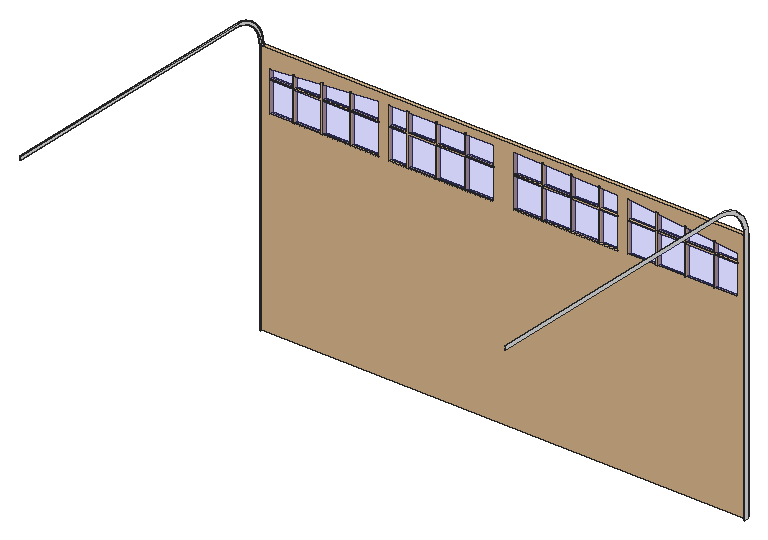
Revit family (continued)
Dimensions and locks (in)
  aligned and locked: plane 5 "Top" to Opening 1 sketch curve
  aligned and locked: Opening 1 sketch curve to plane 5 "Top"
  aligned and locked: Opening 1 sketch curve to plane 4 "Right"
  aligned and locked: Opening 1 sketch curve to level
  aligned and locked: Extrusion 1 sketch curve to plane 6
  aligned and locked: Extrusion 1 sketch curve to plane 7
  aligned and locked: Extrusion 1 sketch curve to level
  aligned and locked: Extrusion 1 sketch curve to host wall
  aligned and locked: plane 12 to plane 13
  aligned and locked: host wall to plane 16 "Int"
  aligned and locked: plane 13 to plane 15
  aligned and locked: plane 14 "Ext" to Extrusion 1
  aligned and locked: Extrusion 1 to host wall
  aligned and locked: plane 9 to Extrusion 1 sketch curve  (x4)
  aligned and locked: Extrusion 1 sketch curve to plane 18
  aligned and locked: plane 26 to Extrusion 1 sketch curve
  aligned and locked: Extrusion 1 sketch curve to plane 25
  aligned and locked: Extrusion 1 to Extrusion 2
  aligned and locked: Extrusion 2 sketch curve to plane 35
  aligned and locked: Extrusion 2 sketch curve to plane 31
  aligned and locked: Extrusion 2 sketch curve to plane 30
  aligned and locked: Extrusion 2 sketch curve to plane 29
  aligned and locked: plane 36 to Extrusion 1 sketch curve
  aligned and locked: Extrusion 1 sketch curve to plane 19
  aligned and locked: plane 42 to Extrusion 1 sketch curve
  aligned and locked: Extrusion 2 sketch curve to plane 44
  aligned and locked: Extrusion 2 sketch curve to plane 45
  aligned and locked: Extrusion 2 sketch curve to plane 46
  aligned and locked: Extrusion 2 sketch curve to plane 47
  aligned and locked: Extrusion 2 sketch curve to plane 48
  aligned and locked: Extrusion 2 sketch curve to plane 49
  aligned and locked: Extrusion 2 sketch curve to plane 9  (x12)
  aligned and locked: plane 26 to Extrusion 3 sketch curve
  aligned and locked: plane 18 to Extrusion 3 sketch curve
  aligned and locked: plane 25 to Extrusion 3 sketch curve
  aligned and locked: Extrusion 3 sketch curve to plane 36
  aligned and locked: Extrusion 3 sketch curve to plane 42
  aligned and locked: Extrusion 3 sketch curve to plane 19
  aligned and locked: plane 14 "Ext" to Extrusion 3
  aligned and locked: Extrusion 3 sketch curve to plane 50  (x3)
  aligned and locked: plane 18 to curve 1
  aligned and locked: plane 52 to curve 1
  aligned and locked: plane 51 to curve 4
  aligned and locked: curve 5 to plane 52
  aligned and locked: plane 51 to curve 8
  aligned and locked: curve 9 to plane 52
  aligned and locked: plane 51 to curve 12
  aligned and locked: plane 25 to curve 13
  aligned and locked: curve 13 to plane 51
  aligned and locked: plane 52 to curve 16
  aligned and locked: curve 17 to plane 52
  aligned and locked: plane 51 to curve 20
  aligned and locked: curve 17 to curve 21
  aligned and locked: plane 51 to curve 24
  aligned and locked: curve 21 to curve 25
  aligned and locked: plane 51 to curve 27
  aligned and locked: plane 26 to curve 29
  aligned and locked: curve 29 to plane 51
  aligned and locked: plane 52 to curve 32
  aligned and locked: plane 19 to curve 65
  aligned and locked: curve 65 to plane 51
  aligned and locked: plane 52 to curve 68
  aligned and locked: plane 51 to curve 69
  aligned and locked: plane 52 to curve 72
  aligned and locked: plane 51 to curve 73
  aligned and locked: curve 75 to plane 52
  aligned and locked: plane 51 to curve 77
  aligned and locked: plane 42 to curve 78
  aligned and locked: curve 79 to plane 52
  aligned and locked: plane 51 to curve 81
  aligned and locked: curve 83 to plane 52
  aligned and locked: plane 51 to curve 85
  aligned and locked: curve 87 to plane 52
  aligned and locked: curve 89 to plane 51
  aligned and locked: plane 52 to curve 91
  aligned and locked: curve 93 to plane 51
  aligned and locked: curve 96 to plane 36
  aligned and locked: plane 52 to curve 95
  aligned and locked: curve 189 to plane 53
  aligned and locked: plane 53 to curve 193
  aligned and locked: plane 53 to curve 197
  aligned and locked: plane 53 to curve 201
  aligned and locked: plane 53 to curve 205
  aligned and locked: plane 53 to curve 209
  aligned and locked: curve 213 to plane 53
  aligned and locked: curve 217 to plane 53
  aligned and locked: curve 224 to curve 253
  aligned and locked: curve 218 to curve 94
  aligned and locked: curve 137 to plane 53
  aligned and locked: plane 53 to curve 143
  aligned and locked: plane 53 to curve 147
  aligned and locked: plane 53 to curve 151
  aligned and locked: curve 153 to plane 53
  aligned and locked: plane 53 to curve 131
  aligned and locked: plane 53 to curve 135
  aligned and locked: curve 254 to plane 53
  aligned and locked: plane 53 to curve 255
  aligned and locked: plane 18 to curve 255
  aligned and locked: plane 19 to curve 190
  aligned and locked: curve 68 to curve 192
  aligned and locked: curve 72 to curve 196
  aligned and locked: curve 194 to curve 70
  aligned and locked: curve 76 to curve 200
  aligned and locked: curve 198 to curve 74
  aligned and locked: curve 80 to curve 204
  aligned and locked: curve 202 to curve 78
  aligned and locked: curve 84 to curve 208
  aligned and locked: curve 206 to curve 82
  aligned and locked: curve 88 to curve 212
  aligned and locked: curve 210 to curve 86
  aligned and locked: curve 214 to curve 90
  aligned and locked: curve 92 to curve 216
  aligned and locked: curve 96 to curve 220
  aligned and locked: curve 138 to curve 14
  aligned and locked: curve 16 to curve 140
  aligned and locked: curve 18 to curve 142
  aligned and locked: curve 144 to curve 20
  aligned and locked: curve 22 to curve 146
  aligned and locked: curve 148 to curve 24
  aligned and locked: curve 26 to curve 150
  aligned and locked: curve 152 to curve 28
  aligned and locked: curve 154 to curve 30
  aligned and locked: curve 32 to curve 156
  aligned and locked: curve 6 to curve 130
  aligned and locked: curve 132 to curve 8
  aligned and locked: curve 10 to curve 134
  aligned and locked: curve 136 to curve 12
  aligned and locked: curve 128 to curve 4
  aligned and locked: curve 2 to curve 255
  aligned and locked: plane 54 to curve 256
  aligned and locked: curve 133 to plane 54
  aligned and locked: curve 129 to plane 54
  aligned and locked: plane 54 to curve 155
  aligned and locked: curve 149 to plane 54
  aligned and locked: curve 145 to plane 54
  aligned and locked: curve 141 to plane 54
  aligned and locked: plane 54 to curve 139
  aligned and locked: plane 54 to curve 219
  aligned and locked: plane 54 to curve 215
  aligned and locked: curve 211 to plane 54
  aligned and locked: curve 207 to plane 54
  aligned and locked: curve 203 to plane 54
  aligned and locked: curve 199 to plane 54
  aligned and locked: curve 195 to plane 54
  aligned and locked: plane 54 to curve 191
  aligned and locked: Extrusion 4 to plane 55
  aligned and locked: Extrusion 4 sketch curve to cut or joined group of Extrusion 2, Extrusion 3  (x60)
  aligned and locked: Extrusion 4 sketch curve to Extrusion 1  (x25)
  aligned and locked: cut or joined group of Extrusion 2, Extrusion 3 to Extrusion 4 sketch curve  (x9)
  aligned and locked: Extrusion 4 sketch curve to Extrusion 4 sketch curve  (x5)
  aligned and locked: Extrusion 1 sketch curve to Extrusion 1 sketch curve
  aligned and locked: curve 257 to curve 3
  aligned and locked: curve 258 to curve 2
  aligned and locked: curve 259 to curve 1
  aligned and locked: curve 260 to curve 4
  aligned and locked: curve 261 to curve 33
  aligned and locked: curve 262 to curve 34
  aligned and locked: curve 263 to curve 35
  aligned and locked: curve 264 to curve 36
  aligned and locked: curve 265 to curve 11
  aligned and locked: curve 266 to curve 10
  aligned and locked: curve 267 to curve 9
  aligned and locked: curve 268 to curve 12
  aligned and locked: curve 269 to curve 37
  aligned and locked: curve 270 to curve 38
  aligned and locked: curve 271 to curve 39
  aligned and locked: curve 272 to curve 40
  aligned and locked: curve 273 to curve 61
  aligned and locked: curve 274 to curve 62
  aligned and locked: curve 275 to curve 63
  aligned and locked: curve 276 to curve 64
  aligned and locked: curve 277 to curve 7
  aligned and locked: curve 278 to curve 6
  aligned and locked: curve 279 to curve 5
  aligned and locked: curve 280 to curve 8
  aligned and locked: curve 281 to curve 29
  aligned and locked: curve 282 to curve 32
  aligned and locked: curve 283 to curve 31
  aligned and locked: curve 284 to curve 30
  aligned and locked: curve 285 to curve 57
  aligned and locked: curve 286 to curve 58
  aligned and locked: curve 287 to curve 59
  aligned and locked: curve 288 to curve 60
  aligned and locked: curve 289 to curve 27
  aligned and locked: curve 290 to curve 26
  aligned and locked: curve 291 to curve 25
  aligned and locked: curve 292 to curve 28
  aligned and locked: curve 293 to curve 49
  aligned and locked: curve 294 to curve 50
  aligned and locked: curve 295 to curve 51
  aligned and locked: curve 296 to curve 52
  aligned and locked: curve 297 to curve 23
  aligned and locked: curve 298 to curve 22
  aligned and locked: curve 299 to curve 21
  aligned and locked: curve 300 to curve 24
  aligned and locked: curve 301 to curve 45
  aligned and locked: curve 302 to curve 46
  aligned and locked: curve 303 to curve 47
  aligned and locked: curve 304 to curve 48
  aligned and locked: curve 305 to curve 19
  aligned and locked: curve 306 to curve 18
  aligned and locked: curve 307 to curve 17
  aligned and locked: curve 308 to curve 20
  aligned and locked: curve 309 to curve 41
  aligned and locked: curve 310 to curve 42
  aligned and locked: curve 311 to curve 43
  aligned and locked: curve 312 to curve 44
  aligned and locked: curve 313 to curve 13
  aligned and locked: curve 314 to curve 16
  aligned and locked: curve 315 to curve 15
  aligned and locked: curve 316 to curve 14
  aligned and locked: curve 317 to curve 53
  aligned and locked: curve 318 to curve 54
  aligned and locked: curve 319 to curve 55
  aligned and locked: curve 320 to curve 56
  aligned and locked: curve 321 to curve 93
  aligned and locked: curve 322 to curve 96
  aligned and locked: curve 323 to curve 95
  aligned and locked: curve 324 to curve 94
  aligned and locked: curve 325 to curve 97
  aligned and locked: curve 326 to curve 98
  aligned and locked: curve 327 to curve 99
  aligned and locked: curve 328 to curve 253
  aligned and locked: curve 329 to curve 89
  aligned and locked: curve 330 to curve 92
  aligned and locked: curve 331 to curve 91
  aligned and locked: curve 332 to curve 90
  aligned and locked: curve 333 to curve 100
  aligned and locked: curve 334 to curve 101
  aligned and locked: curve 335 to curve 102
  aligned and locked: curve 336 to curve 103
  aligned and locked: curve 337 to curve 85
  aligned and locked: curve 338 to curve 88
  aligned and locked: curve 339 to curve 87
  aligned and locked: curve 340 to curve 86
  aligned and locked: curve 341 to curve 104
  aligned and locked: curve 342 to curve 105
  aligned and locked: curve 343 to curve 106
  aligned and locked: curve 344 to curve 107
  aligned and locked: curve 345 to curve 81
  aligned and locked: curve 346 to curve 84
  aligned and locked: curve 347 to curve 83
  aligned and locked: curve 348 to curve 82
  aligned and locked: curve 349 to curve 108
  aligned and locked: curve 350 to curve 109
  aligned and locked: curve 351 to curve 110
  aligned and locked: curve 352 to curve 111
  aligned and locked: curve 353 to curve 77
  aligned and locked: curve 354 to curve 80
  aligned and locked: curve 355 to curve 79
  aligned and locked: curve 356 to curve 78
  aligned and locked: curve 357 to curve 112
  aligned and locked: curve 358 to curve 113
  aligned and locked: curve 359 to curve 114
  aligned and locked: curve 360 to curve 115
  aligned and locked: curve 361 to curve 73
  aligned and locked: curve 362 to curve 76
  aligned and locked: curve 363 to curve 75
  aligned and locked: curve 364 to curve 74
  aligned and locked: curve 365 to curve 116
  aligned and locked: curve 366 to curve 117
  aligned and locked: curve 367 to curve 118
  aligned and locked: curve 368 to curve 119
  aligned and locked: curve 369 to curve 120
  aligned and locked: curve 370 to curve 121
  aligned and locked: curve 371 to curve 122
  aligned and locked: curve 372 to curve 123
  aligned and locked: curve 373 to curve 65
  aligned and locked: curve 374 to curve 68
  aligned and locked: curve 375 to curve 67
  aligned and locked: curve 376 to curve 66
  aligned and locked: curve 377 to curve 124
  aligned and locked: curve 378 to curve 125
  aligned and locked: curve 379 to curve 126
  aligned and locked: curve 380 to curve 127
  aligned and locked: curve 381 to curve 254
  aligned and locked: curve 382 to curve 255
  aligned and locked: curve 383 to curve 256
  aligned and locked: curve 384 to curve 128
  aligned and locked: curve 385 to curve 157
  aligned and locked: curve 386 to curve 135
  aligned and locked: curve 387 to curve 134
  aligned and locked: curve 388 to curve 133
  aligned and locked: curve 389 to curve 136
  aligned and locked: curve 390 to curve 161
  aligned and locked: curve 391 to curve 162
  aligned and locked: curve 392 to curve 163
  aligned and locked: curve 393 to curve 164
  aligned and locked: curve 394 to curve 185
  aligned and locked: curve 395 to curve 186
  aligned and locked: curve 396 to curve 187
  aligned and locked: curve 397 to curve 188
  aligned and locked: curve 398 to curve 153
  aligned and locked: curve 399 to curve 156
  aligned and locked: curve 400 to curve 155
  aligned and locked: curve 401 to curve 154
  aligned and locked: curve 402 to curve 181
  aligned and locked: curve 403 to curve 182
  aligned and locked: curve 404 to curve 183
  aligned and locked: curve 405 to curve 184
  aligned and locked: curve 406 to curve 151
  aligned and locked: curve 407 to curve 150
  aligned and locked: curve 408 to curve 149
  aligned and locked: curve 409 to curve 152
  aligned and locked: curve 410 to curve 173
  aligned and locked: curve 411 to curve 174
  aligned and locked: curve 412 to curve 175
  aligned and locked: curve 413 to curve 176
  aligned and locked: curve 414 to curve 147
  aligned and locked: curve 415 to curve 146
  aligned and locked: curve 416 to curve 145
  aligned and locked: curve 417 to curve 148
  aligned and locked: curve 418 to curve 169
  aligned and locked: curve 419 to curve 170
  aligned and locked: curve 420 to curve 171
  aligned and locked: curve 421 to curve 172
  aligned and locked: curve 422 to curve 165
  aligned and locked: curve 423 to curve 166
  aligned and locked: curve 424 to curve 167
  aligned and locked: curve 425 to curve 168
  aligned and locked: curve 426 to curve 137
  aligned and locked: curve 427 to curve 140
  aligned and locked: curve 428 to curve 139
  aligned and locked: curve 429 to curve 138
  aligned and locked: curve 430 to curve 177
  aligned and locked: curve 431 to curve 178
  aligned and locked: curve 432 to curve 179
  aligned and locked: curve 433 to curve 180
  aligned and locked: curve 434 to curve 217
  aligned and locked: curve 435 to curve 220
  aligned and locked: curve 436 to curve 219
  aligned and locked: curve 437 to curve 218
  aligned and locked: curve 438 to curve 221
  aligned and locked: curve 439 to curve 222
  aligned and locked: curve 440 to curve 223
  aligned and locked: curve 441 to curve 224
  aligned and locked: curve 442 to curve 225
  aligned and locked: curve 443 to curve 226
  aligned and locked: curve 444 to curve 227
  aligned and locked: curve 445 to curve 228
  aligned and locked: curve 446 to curve 213
  aligned and locked: curve 447 to curve 229
  aligned and locked: curve 448 to curve 230
  aligned and locked: curve 449 to curve 231
  aligned and locked: curve 450 to curve 232
  aligned and locked: curve 451 to curve 209
  aligned and locked: curve 452 to curve 205
  aligned and locked: curve 453 to curve 208
  aligned and locked: curve 454 to curve 207
  aligned and locked: curve 455 to curve 206
  aligned and locked: curve 456 to curve 233
  aligned and locked: curve 457 to curve 234
  aligned and locked: curve 458 to curve 235
  aligned and locked: curve 459 to curve 236
  aligned and locked: curve 460 to curve 201
  aligned and locked: curve 461 to curve 204
  aligned and locked: curve 462 to curve 203
  aligned and locked: curve 463 to curve 202
  aligned and locked: curve 464 to curve 237
  aligned and locked: curve 465 to curve 238
  aligned and locked: curve 466 to curve 239
  aligned and locked: curve 467 to curve 240
  aligned and locked: curve 468 to curve 241
  aligned and locked: curve 469 to curve 242
  aligned and locked: curve 470 to curve 243
  aligned and locked: curve 471 to curve 244
  aligned and locked: curve 472 to curve 245
  aligned and locked: curve 473 to curve 246
  aligned and locked: curve 474 to curve 247
  aligned and locked: curve 475 to curve 248
  aligned and locked: curve 476 to curve 189
  aligned and locked: curve 477 to curve 192
  aligned and locked: curve 478 to curve 191
  aligned and locked: curve 479 to curve 190
  aligned and locked: curve 480 to curve 249
  aligned and locked: curve 481 to curve 250
  aligned and locked: curve 482 to curve 251
  aligned and locked: curve 483 to curve 252
  aligned and locked: curve 484 to curve 197
  aligned and locked: curve 485 to curve 200
  aligned and locked: curve 486 to curve 199
  aligned and locked: curve 487 to curve 198
  aligned and locked: curve 488 to curve 193
  aligned and locked: curve 489 to curve 196
  aligned and locked: curve 490 to curve 195
  aligned and locked: curve 491 to curve 194
  aligned and locked: curve 492 to curve 216
  aligned and locked: curve 493 to curve 214
  aligned and locked: curve 494 to curve 210
  aligned and locked: curve 495 to curve 212
  aligned and locked: curve 496 to curve 215
  aligned and locked: curve 497 to curve 211
  aligned and locked: curve 498 to curve 69
  aligned and locked: curve 499 to curve 72
  aligned and locked: curve 500 to curve 71
  aligned and locked: curve 501 to curve 70
  aligned and locked: curve 502 to curve 158
  aligned and locked: curve 503 to curve 159
  aligned and locked: curve 504 to curve 160
  aligned and locked: curve 505 to curve 131
  aligned and locked: curve 506 to curve 130
  aligned and locked: curve 507 to curve 129
  aligned and locked: curve 508 to curve 132
  aligned and locked: curve 509 to curve 143
  aligned and locked: curve 510 to curve 142
  aligned and locked: curve 511 to curve 141
  aligned and locked: curve 512 to curve 144
  aligned and locked: nested 1 to plane 14 "Ext"
  aligned and locked: nested 1 to plane 2 "Center (Left/Right)"
  aligned and locked: plane 72 to curve 152
  aligned and locked: plane 72 to Extrusion 1 sketch curve
  aligned and locked: Extrusion 2 sketch curve to Extrusion 1  (x12)
Automatic sketch dimensions
  Extrusion 1 sketch curve to Extrusion 1 sketch curve = 0' - 0"  (x3)
  Extrusion 1 sketch curve to plane 43 = 0' - 3"
  Extrusion 1 sketch curve to plane 27 = 0' - 0"
  Extrusion 1 sketch curve to plane 17 = 0' - 0.06435"
  Extrusion 1 sketch curve to plane 11 = 0' - 0.2718"
  curve 250 to plane 37 = 0' - 0 3/4"
  curve 191 to plane 37 = 0' - 0 1/4"
  plane 37 to curve 195 = 0' - 0 1/4"
  curve 193 to curve 245 = 0' - 0 1/2"
  curve 247 to plane 40 = 0' - 0 3/4"
  curve 69 to plane 40 = 0' - 0 1/4"
  plane 40 to curve 76 = 0' - 0 1/4"
  curve 199 to curve 242 = 0' - 0 1/2"
  curve 244 to plane 38 = 0' - 0 3/4"
  curve 75 to plane 38 = 0' - 0 1/4"
  plane 38 to curve 80 = 0' - 0 1/4"
  curve 201 to curve 238 = 0' - 0 1/2"
  curve 239 to plane 42 = 0' - 0 1/2"
  curve 202 to curve 208 = 0' - 4"
  curve 233 to plane 41 = 0' - 0 3/4"
  curve 206 to plane 41 = 0' - 0 1/4"
  plane 41 to curve 87 = 0' - 0 1/4"
  curve 211 to curve 231 = 0' - 0 1/2"
  curve 232 to plane 39 = 0' - 0 3/4"
  curve 210 to plane 39 = 0' - 0 1/4"
  plane 39 to curve 90 = 0' - 0 1/4"
  curve 214 to curve 228 = 0' - 0 1/2"
  curve 227 to plane 43 = 0' - 0 3/4"
  curve 215 to plane 43 = 0' - 0 1/4"
  plane 43 to curve 218 = 0' - 0 1/4"
  curve 223 to plane 36 = 0' - 0 1/2"
  curve 177 to plane 25 = 0' - 0 1/2"
  plane 27 to curve 178 = 0' - 0 3/4"
  plane 27 to curve 139 = 0' - 0 1/4"
  curve 19 to plane 27 = 0' - 0 1/4"
  curve 141 to curve 167 = 0' - 0 1/2"
  plane 22 to curve 167 = 0' - 0 3/4"
  plane 22 to curve 141 = 0' - 0 1/4"
  curve 147 to plane 22 = 0' - 0 1/4"
  curve 145 to curve 170 = 0' - 0 1/2"
  plane 24 to curve 169 = 0' - 0 3/4"
  plane 24 to curve 21 = 0' - 0 1/4"
  curve 26 to plane 24 = 0' - 0 1/4"
  curve 150 to curve 173 = 0' - 0 1/2"
  curve 181 to plane 26 = 0' - 0 1/2"
  plane 21 to curve 181 = 0' - 0 3/4"
  plane 21 to curve 32 = 0' - 0 1/4"
  curve 6 to plane 21 = 0' - 0 1/4"
  curve 129 to curve 187 = 0' - 0 1/2"
  plane 23 to curve 185 = 0' - 0 3/4"
  plane 23 to curve 8 = 0' - 0 1/4"
  curve 10 to plane 23 = 0' - 0 1/4"
  curve 134 to curve 161 = 0' - 0 1/2"
  plane 20 to curve 163 = 0' - 0 3/4"
  plane 20 to curve 9 = 0' - 0 1/4"
  curve 4 to plane 20 = 0' - 0 1/4"
  curve 128 to curve 160 = 0' - 0 1/2"
  plane 18 to curve 158 = 0' - 0 1/2"
  curve 225 to plane 53 = 0' - 0 1/2"
  curve 157 to plane 53 = 0' - 0 1/2"
  curve 222 to plane 53 = 0' - 0 1/2"
  curve 161 to plane 53 = 0' - 0 1/2"
  curve 229 to plane 53 = 0' - 0 1/2"
  curve 165 to plane 53 = 0' - 0 1/2"
  curve 233 to plane 53 = 0' - 0 1/2"
  curve 169 to plane 53 = 0' - 0 1/2"
  curve 237 to plane 53 = 0' - 0 1/2"
  curve 173 to plane 53 = 0' - 0 1/2"
  curve 241 to plane 53 = 0' - 0 1/2"
  curve 177 to plane 53 = 0' - 0 1/2"
  curve 245 to plane 53 = 0' - 0 1/2"
  curve 181 to plane 53 = 0' - 0 1/2"
  curve 185 to plane 53 = 0' - 0 1/2"
  Extrusion 3 sketch curve to plane 50 = 0' - 0"
  Extrusion 3 sketch curve to Extrusion 3 sketch curve = 0' - 4"  (x2)
  Extrusion 4 sketch curve to plane 19 = 0' - 0"
  Extrusion 4 sketch curve to plane 26 = 0' - 0"  (x2)
  Extrusion 4 sketch curve to plane 9 = 0' - 0"  (x4)
  Extrusion 4 sketch curve to plane 18 = 0' - 0"  (x2)
  plane 21 to Extrusion 4 sketch curve = 0' - 0 1/4"  (x2)
  Extrusion 4 sketch curve to plane 21 = 0' - 0 1/4"  (x2)
  plane 23 to Extrusion 4 sketch curve = 0' - 0 1/4"  (x2)
  Extrusion 4 sketch curve to plane 23 = 0' - 0 1/4"  (x2)
  plane 20 to Extrusion 4 sketch curve = 0' - 0 1/4"  (x2)
  Extrusion 4 sketch curve to plane 20 = 0' - 0 1/4"  (x2)
  Extrusion 4 sketch curve to plane 28 = 0' - 0 1/4"  (x4)
  plane 28 to Extrusion 4 sketch curve = 0' - 0 1/4"  (x4)
  Extrusion 2 sketch curve to plane 34 = 0' - 0"
  Extrusion 2 sketch curve to plane 33 = 0' - 0"
Nested families (in)
  nested 1: "Door Track" at (-0.5, -64, 0), Width <- "Track Width", Height <- "Track Height", Depth <- "Track Depth", type "Door Track"
    with Width 16' - 2", Height 9' - 6", Depth 10' - 0"
Definition of nested family "Door Track"
  Parameters
    Width [instance] = 10' - 0"
    Track = Metal
    Height [instance] = 11' - 0"
    Depth [instance] = 8' - 0"
  Reference planes (in)
    plane 1 "Center (Front/Back)": y = 0
    plane 2: z = 0
    plane 3 "Center (Left/Right)": x = 0.5
    plane 4 "Back": y = 48
    plane 5 "Front": y = -48
    plane 6 "Left": x = -59.5
    plane 7 "Right": x = 60.5
    plane 8 "Top": z = 132
    plane 9 "Center (Up/Down)": z = 66
    plane 10: y = 48.75
    plane 11: y = 49.5
  Forms (in)
    Sweep 1, solid, material "Metal" <- "Track"
      path origin (60.5, 60, 48) x (0, 1, 0) y (0, 0, 1)
        loop
          line (-12, -48) -> (-12, 72)
          arc (-12, 72) -> (-15.51472, 80.48528) -> (-24, 84) r 12
          line (-24, 84) -> (-108, 84)
      profile origin (60.5, -6, 132) x (0, 0, -1) y (1, 0, 0)
        loop
          line (-1.5, 0) -> (-1.375, 0) -> (-1.375, 0.375) -> (-0.125, 0.375) -> (-0.125, 0) -> (0, 0) -> (0, 0.5) -> (-1.5, 0.5) -> (-1.5, 0)
    Sweep 2, solid, material "Metal" <- "Track"
      path origin (-59.5, 60, 48) x (0, 1, 0) y (0, 0, 1)
        loop
          line (-12, -48) -> (-12, 72)
          arc (-12, 72) -> (-15.51472, 80.48528) -> (-24, 84) r 12
          line (-24, 84) -> (-108, 84)
      profile origin (-59.5, -6, 132) x (0, 0, -1) y (1, 0, 0)
        loop
          line (-1.5, 0) -> (-1.5, -0.5) -> (0, -0.5) -> (0, 0) -> (-0.125, 0) -> (-0.125, -0.375) -> (-1.375, -0.375) -> (-1.375, 0) -> (-1.5, 0)
  Dimensions and locks (in)
    equal spacing: plane 6 "Left", plane 3 "Center (Left/Right)", plane 7 "Right"
    "Width": plane 6 "Left" to plane 7 "Right"
    equal spacing: plane 4 "Back", plane 1 "Center (Front/Back)", plane 5 "Front"
    "Depth": plane 4 "Back" to plane 5 "Front"
    "Height": plane 8 "Top" to plane 2
    equal spacing: plane 8 "Top", plane 9 "Center (Up/Down)", level
    locked: Sweep 2 sketch curve to Sweep 2 sketch curve at 0.125  (x3)
    locked: Sweep 2 sketch curve to Sweep 2 sketch curve at 0.5  (x2)
    locked: Sweep 2 sketch curve to Sweep 2 sketch curve at 1.5
    locked: Sweep 1 sketch curve to Sweep 1 sketch curve at 0.5  (x2)
    locked: Sweep 1 sketch curve to Sweep 1 sketch curve at 0.125  (x3)
    locked: Sweep 1 sketch curve to Sweep 1 sketch curve at 1.5
    equal spacing: plane 4 "Back", plane 10, plane 11
    locked: plane 10 to plane 11 at 0.75
    radius of Sweep 1 sketch curve = 1' - 0"
    radius of Sweep 2 sketch curve = 1' - 0"
    aligned and locked: plane 8 "Top" to Sweep 1 sketch curve  (x2)
    aligned and locked: plane 5 "Front" to Sweep 1 sketch curve
    aligned and locked: plane 4 "Back" to Sweep 1 sketch curve
    aligned and locked: plane 4 "Back" to Sweep 2 sketch curve
    aligned and locked: plane 5 "Front" to Sweep 2 sketch curve
    aligned and locked: level to Sweep 2 sketch curve
    aligned and locked: Sweep 2 sketch curve to profile plane  (x2)
    aligned and locked: Sweep 1 sketch curve to profile plane
    aligned and locked: plane 11 to Sweep 1
  Automatic sketch dimensions
    Sweep 1 sketch curve to level = 0' - 0"
    Sweep 2 sketch curve to plane 8 "Top" = 0' - 0"
Types (3): name | Track Width | Track Height | Height | Width
  (no name) | 16' - 2" | 9' - 6" | 8' - 6" | 16' - 0"
  7Ft H x 8Ft W | 8' - 2" | 8' - 0" | 7' - 0" | 8' - 0"
  7Ft H x 16Ft W | 16' - 2" | 9' - 6" | 8' - 6" | 16' - 0"
